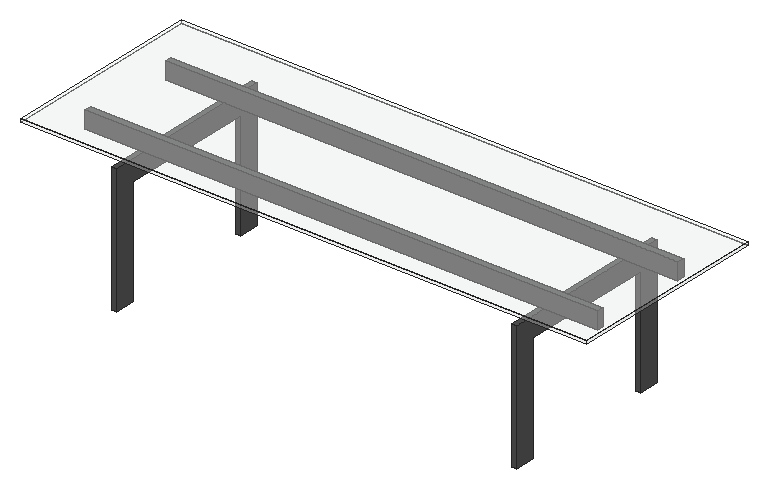
Revit family "M_Mesa-Jantar", category Mobiliário, Revit 2019
Family settings
  Número OmniClass = 23.40.20.14.17.11
  Título OmniClass = Dining Room Tables
  ID de item do Seek = Table-Dining-0000-CAN-ENU
  Com base no plano de trabalho = Não
  Sempre na vertical = Sim
  Corte com vazios quando carregada = Não
  Compartilhado = Sim
  Ponto de cálculo do ambiente = Não
Parameters (values of type "0762 x 2134mm")
  Material base = Aço, Cromo polido
  Altura = 560.00 mm
  Comprimento = 2134.00 mm
  Material superior = Vidro - Claro, Cinza
  Largura = 762.00 mm
Types (4, lengths in mm): name | Altura | Comprimento | Largura
  (no name) | 560.00 | 2134.00 | 762.00
  0762 x 2134mm | 560.00 | 2134.00 | 762.00
  0762 x 1525mm | 560.00 | 1525.00 | 762.00
  0915 x 1830mm | 610.00 | 1830.00 | 915.00
Reference planes
  plane 1 "Centro (Frente/Trás)": y = 95.211
  plane 2: z = 0
  plane 3 "Centro (Esquerda/Direita)": x = 18.266
  plane 4 "Parte frontal": y = -285.789
  plane 5 "Esquerda": x = -1048.734
  plane 6 "Direita": x = 1085.266
  plane 7 "Parte posterior": y = 476.211
  plane 8 "Superior": z = 560
Forms (mm)
  Extrusion 1, solid, material "Vidro - Claro, Cinza" <- "Material superior"
    sketch origin (0, 0, 560) x (-1, 0, 0) y (0, -1, 0)
      loop
        line (1048.734, -476.211) -> (1048.734, 285.789) -> (-1085.266, 285.789) -> (-1085.266, -476.211) -> (1048.734, -476.211)
    from 0 to -12.7
  Extrusion 2, solid, material "Aço, Cromo polido" <- "Material base"
    sketch origin (-1048.734, 0, 0) x (0, 0, -1) y (0, -1, 0)
      loop
        line (0, -425.411) -> (0, -349.211) -> (-407.6, -349.211) -> (-407.6, 158.789) -> (0, 158.789) -> (0, 234.989) -> (-483.8, 234.989) -> (-483.8, -425.411) -> (0, -425.411)
    from -304.8 to -323.85
  Extrusion 3, solid, material "Aço, Cromo polido" <- "Material base"
    sketch origin (1085.266, 0, 0) x (0, 0, -1) y (0, -1, 0)
      loop
        line (0, -349.211) -> (-407.6, -349.211) -> (-407.6, 158.789) -> (0, 158.789) -> (0, 234.989) -> (-483.8, 234.989) -> (-483.8, -425.411) -> (0, -425.411) -> (0, -349.211)
    from 304.8 to 323.85
  Extrusion 4, solid, material "Aço, Cromo polido" <- "Material base"
    sketch origin (0, 0, 560) x (-1, 0, 0) y (0, -1, 0)
      loop
        line (947.134, -297.782) -> (947.134, -272.382) -> (-983.666, -272.382) -> (-983.666, -297.782) -> (947.134, -297.782)
      loop
        line (947.134, 82.589) -> (947.134, 107.989) -> (-983.666, 107.989) -> (-983.666, 82.589) -> (947.134, 82.589)
    from -12.7 to -76.2
Lines and regions (mm)
  Masking region 1
    outline origin (0, 0, 0) x (1, 0, 0) y (0, 1, 0)
      loop
        line (-1048.734, 476.211) -> (-1048.734, -285.789) -> (1085.266, -285.789) -> (1085.266, 476.211) -> (-1048.734, 476.211)
Dimensions and locks
  equal spacing: plane 5 "Esquerda", plane 3 "Centro (Esquerda/Direita)", plane 6 "Direita"
  "Comprimento": plane 5 "Esquerda" to plane 6 "Direita"
  equal spacing: plane 4 "Parte frontal", plane 1 "Centro (Frente/Trás)", plane 7 "Parte posterior"
  "Largura": plane 4 "Parte frontal" to plane 7 "Parte posterior"
  "Altura": plane 2 to plane 8 "Superior"
  locked: plane 7 "Parte posterior" to Extrusion 2 sketch curve at 50.8
  locked: Extrusion 2 sketch curve to plane 4 "Parte frontal" at 50.8
  locked: Extrusion 2 sketch curve to plane 8 "Superior" at 76.2
  locked: Extrusion 3 sketch curve to plane 8 "Superior" at 76.2
  aligned and locked: level to plane 2
  aligned and locked: Extrusion 3 sketch curve to Extrusion 2  (x2)
  aligned and locked: plane 7 "Parte posterior" to Masking region 1 sketch curve
  aligned and locked: Masking region 1 sketch curve to plane 4 "Parte frontal"
  aligned and locked: Masking region 1 sketch curve to plane 5 "Esquerda"
  aligned and locked: plane 6 "Direita" to Masking region 1 sketch curve
Automatic sketch dimensions
  Extrusion 1 sketch curve to plane 6 "Direita" = 0.00 mm
  Extrusion 1 sketch curve to plane 4 "Parte frontal" = 0.00 mm
  Extrusion 1 sketch curve to plane 5 "Esquerda" = 0.00 mm
  Extrusion 1 sketch curve to plane 7 "Parte posterior" = 0.00 mm
  Extrusion 2 sketch curve to level = 0.00 mm  (x2)
  Extrusion 2 sketch curve to Extrusion 2 sketch curve = 76.20 mm  (x3)
  plane 6 "Direita" to Extrusion 4 sketch curve = 101.60 mm  (x2)
  Extrusion 4 sketch curve to plane 5 "Esquerda" = 101.60 mm  (x2)
  Extrusion 4 sketch curve to plane 1 "Centro (Frente/Trás)" = 202.571 mm
  Extrusion 4 sketch curve to Extrusion 4 sketch curve = 25.40 mm  (x2)
  plane 1 "Centro (Frente/Trás)" to Extrusion 4 sketch curve = 177.80 mm
  Extrusion 3 sketch curve to level = 0.00 mm  (x2)
  plane 7 "Parte posterior" to Extrusion 3 sketch curve = 50.80 mm
  Extrusion 3 sketch curve to Extrusion 3 sketch curve = 76.20 mm
  Extrusion 3 sketch curve to plane 4 "Parte frontal" = 50.80 mm
